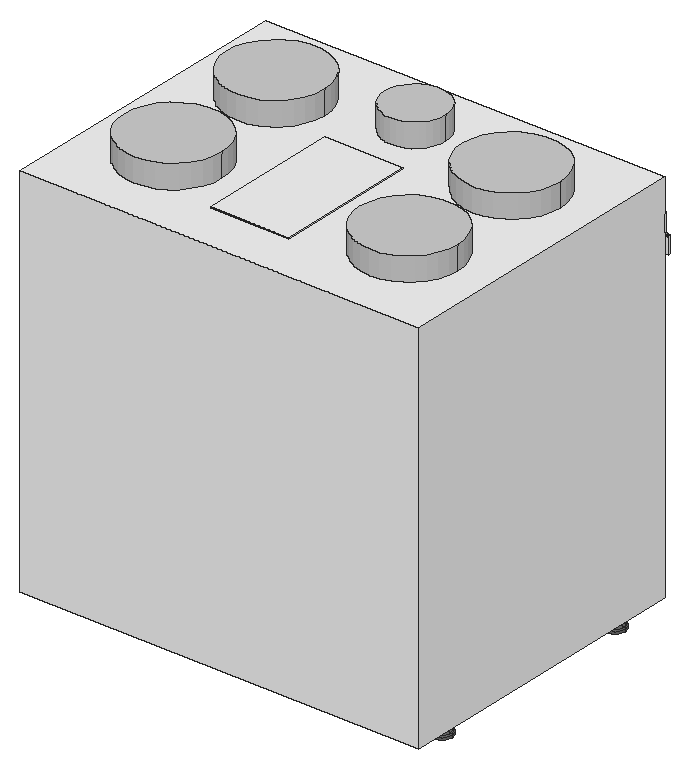
Revit family "BLAUBERG-KOMFORT_Roto_EC_SE600", category Mechanical Equipment, Revit 2019
Family settings
  Round Connector Dimension = Use Diameter
  Classification = None
  Part Type = Normal
  OmniClass Number = 23.75.35.14
  OmniClass Title = Air Handling Units
  Work Plane-Based = No
  Always vertical = Yes
  Cut with Voids When Loaded = No
  Shared = No
  Room Calculation Point = No
Parameters (values of type "KOMFORT Roto EC S 600 S21")
  dLFeets = 27 mm
  dBFeets = 93 mm
  Weight = 90.00 kg
  Standard Service Side [instance] = yes
  ServiceDoorB = 20 mm  # constant formula
  Service Side 2 [instance] = Standard Service Side  # yes
  Service Side 1 [instance] = not(Standard Service Side)  # no
  MountingPlateH = 100 mm  # constant formula
  Maximum Unit Current With Electric Heater = 2.6 A
  Maintenance Zone Side 2 [instance] = if(Maintenance Zone, (if(not(Standard Service Side), 1 = 1, 1 = 0)), 1 = 0)  # no
  Maintenance Zone Side 1 [instance] = if(Maintenance Zone, (if(Standard Service Side, 1 = 1, 1 = 0)), 1 = 0)  # no
  Plastic Material = Polypropylene Black
  Maximum Unit Power Without Electric Heater = 405 W
  Maximum Unit Current Without Electric Heater = 2.6 A
  Leveling Feets Height Calc [instance] = if(Leveling Feets Height < 23 mm, 23 mm, Leveling Feets Height)  # 23 mm
  Leveling Feets Height [instance] = 23 mm
  L3 = 408 mm
  L2 = 167 mm
  L1 = 167 mm
  Heater power = 0 W
  Heat Exchanger Material = "aluminium"
  HDuctCon = 48 mm  # constant formula
  H = 771 mm
  Front Maintenance Zone Width = H  # 771 mm
  Front Maintenance Zone Length = L  # 816 mm
  ElConB = 386 mm
  ElConA = 393 mm
  ElBoxB = 292 mm
  ElBoxA = 160 mm
  Duct Connection Diameter Kitchen Hood = 125 mm
  BackFeetD = 20 mm  # constant formula
  B3 = 128 mm
  B2 = 183 mm
  Air Flow Kitchen Hood [instance] = 0 m³/h
  Air Flow Factor [instance] = 1  # constant formula
  B1 = 183 mm
  L = 816 mm
  Voltage = 230 V
  URL = "https://blaubergventilatoren.de/en/product/komfort-roto-ec-s600-s21"
  Type Comments = "Air Handling Unit KOMFORT Roto EC S 600 S21"
  Transported Air Temperature (°C) = "-25…+40"
  Supply Air Filter = "G4,F7"
  Sound Pressure Level at 3 m (dBA) = 35
  SEC Class = "A"
  RPM (min-1) = 3230
  Power Factor = 1
  Power = Maximum Unit Power Without Electric Heater + Heater power  # 405 W
  Number of Poles = 1
  Model = "KOMFORT Roto EC S 600 S21"
  Maximum Air Flow = 670 m³/h
  Manufacturer = "Blauberg"
  Maintenance Zone Material = Maintenance Zone
  Front Maintenance Zone Height = 800 mm
  Maintenance Zone [instance] = no
  Load Classification = HVAC
  B = 628 mm
  Heat recovery efficiency (%) = "81..89"
  Heat Exchanger Type = "rotary"
  Metal Material = Metal Zinc
  Family Version = "1.0"  # constant formula
  Extract Air Filter = "G4"
  Duct Connection Diameter = 200 mm
  Description = "Air Handling Unit"
  D = Duct Connection Diameter  # 200 mm
  Current = Maximum Unit Current With Electric Heater  # 2.6 A
  Copyright = "©Blauberg"
  Casing Material = Painted Steel White
  Apparent Power [instance] = Power / Power Factor  # 405 VA
  Air Flow Supply [instance] = 0 m³/h
  Air Flow Exhaust Total [instance] = Air Flow Exhaust + Air Flow Kitchen Hood  # 0 m³/h
  Air Flow Exhaust [instance] = 0 m³/h
Types (2, lengths in mm): name | Weight | Maximum Unit Current With Electric Heater | Heater power | URL | Type Comments | Power | Model | Current | Apparent Power
  KOMFORT Roto EC S 600 S21 | 90.00 kg | 2.6 A | 0 W | "https://blaubergventilatoren.de/en/product/komfort-roto-ec-s600-s21" | "Air Handling Unit KOMFORT Roto EC S 600 S21" | 405 W | "KOMFORT Roto EC S 600 S21" | 2.6 A | 405 VA
  KOMFORT Roto EC SE 600 S21 | 92.00 kg | 14.8 A | 2800 W | "https://blaubergventilatoren.de/en/product/komfort-roto-ec-se600-s21" | "Air Handling Unit KOMFORT Roto EC SE 600 S21" | 3205 W | "KOMFORT Roto EC SE 600 S21" | 14.8 A | 3205 VA
Reference planes
  plane 1 "Center (Front/Back)": y = 0
  plane 2: z = 0
  plane 3 "Center (Left/Right)": x = 0
  plane 4 "Right": x = 408
  plane 5 "Front": y = -314
  plane 6 "Left": x = -408
  plane 7 "Top": z = 794
  plane 8 "Back": y = 314
  plane 9 "DuctConL3": x = 0
  plane 10 "DuctConB1": y = 131
  plane 11 "DuctConB2": y = -131
  plane 12 "DuctCon": z = 842
  plane 13: z = 796
  plane 14 "Bottom": z = 23
  plane 15 "FeetsL1": x = -381
  plane 16 "FeetsL2": x = 381
  plane 17 "FeetsB1": y = 221
  plane 18 "FeetsB2": y = -221
  plane 19 "ElConA": x = -15
  plane 20 "DuctConL2": x = 241
  plane 21 "DuctConL1": x = -241
  plane 22: x = -95
  plane 23: x = 65
  plane 24: y = 74
  plane 25: y = -218
  plane 26 "ElConB": y = -72
  plane 27 "ServiceDoorBack": y = 294
  plane 28 "ServiceDoorFront": y = -294
  plane 29 "DuctConB3": y = 186
  plane 30 "DuctConB4": z = 43
  plane 31 "MountingPlateH": z = 694
Forms (mm)
  Extrusion 1, solid, material "Painted Steel White" <- "Casing Material", detail levels medium+fine
    sketch origin (0, 377, 23) x (-1, 0, 0) y (0, -1, 0)
      loop
        line (408, 63) -> (408, 691) -> (-408, 691) -> (-408, 63) -> (408, 63)
    from 0 to 771
  Extrusion 2, solid, material "Metal Zinc" <- "Metal Material", detail levels medium+fine
    sketch origin (0, 0, 794) x (-1, 0, 0) y (0, -1, 0)
      loop
        circle (241, 131) r 100
      loop
        circle (-241, 131) r 100
      loop
        circle (-241, -131) r 100
      loop
        circle (241, -131) r 100
      loop
        circle (0, -186) r 62.5
    from 0 to 48
  Extrusion 3, solid, material "Painted Steel White" <- "Casing Material", detail levels medium+fine
    sketch origin (0, 0, 794) x (-1, 0, 0) y (0, -1, 0)
      loop
        line (95, -74) -> (95, 218) -> (-65, 218) -> (-65, -74) -> (95, -74)
    from 0 to 2
  Extrusion 4, solid, material "Polypropylene Black" <- "Plastic Material", visible <- "Service Side 1", detail levels medium+fine
    sketch origin (0, -314, 0) x (-1, 0, 0) y (0, 0, 1)
      loop
        circle (381, 43) r 10
      loop
        circle (-381, 43) r 10
    from 0 to -10
  Extrusion 5, solid, material "Polypropylene Black" <- "Plastic Material", visible <- "Service Side 2", detail levels medium+fine
    sketch origin (0, 314, 0) x (-1, 0, 0) y (0, 0, 1)
      loop
        circle (381, 43) r 10
      loop
        circle (-381, 43) r 10
    from 0 to 10
Lines and regions (mm)
  model lines, detail levels coarse
    curve 1: line (-408, -314, 794) -> (-408, 314, 794)
    curve 2: line (408, -314, 794) -> (-408, -314, 794)
    curve 3: line (408, 314, 794) -> (408, -314, 794)
    curve 4: line (-408, -314, 23) -> (-408, 314, 23)
    curve 5: line (408, -314, 23) -> (-408, -314, 23)
    curve 6: line (408, 314, 23) -> (408, -314, 23)
    curve 7: line (-408, -314, 794) -> (408, -314, 794)
    curve 8: line (-408, -314, 23) -> (-408, -314, 794)
    curve 9: line (408, -314, 23) -> (-408, -314, 23)
    curve 10: line (408, -314, 794) -> (408, -314, 23)
    curve 11: line (-408, -314, 794) -> (-408, -314, 23)
    curve 12: line (408, -314, 794) -> (408, -314, 23)
    curve 13: line (-408, 314, 23) -> (408, 314, 23)
    curve 14: line (-408, 314, 794) -> (408, 314, 794)
    curve 15: line (-408, 314, 794) -> (-408, 314, 23)
    curve 16: line (408, 314, 794) -> (408, 314, 23)
    curve 17: line (-241, 131, 842) -> (-241, 131, 794)
    curve 18: line (241, 131, 842) -> (241, 131, 794)
    curve 19: line (241, -131, 842) -> (241, -131, 794)
    curve 20: line (-241, -131, 842) -> (-241, -131, 794)
    curve 21: line (0, 186, 842) -> (0, 186, 794)
Dimensions and locks
  "B": plane 8 "Back" to plane 5 "Front"
  equal spacing: plane 6 "Left", plane 3 "Center (Left/Right)", plane 4 "Right"
  "L": plane 6 "Left" to plane 4 "Right"
  "dBFeets": plane 8 "Back" to plane 17 "FeetsB1"
  "dBFeets": plane 18 "FeetsB2" to plane 5 "Front"
  "dLFeets": plane 6 "Left" to plane 15 "FeetsL1"
  "dLFeets": plane 16 "FeetsL2" to plane 4 "Right"
  "Leveling Feets Height Calc": plane 14 "Bottom" to level
  "HDuctCon": plane 12 "DuctCon" to plane 7 "Top"
  "H": plane 7 "Top" to plane 14 "Bottom"
  "ElConA": plane 6 "Left" to plane 19 "ElConA"
  "B1": plane 11 "DuctConB2" to plane 5 "Front"
  "B2": plane 8 "Back" to plane 10 "DuctConB1"
  "L1": plane 6 "Left" to plane 21 "DuctConL1"
  equal spacing: plane 22, plane 19 "ElConA", plane 23
  "ElBoxA": plane 22 to plane 23
  "ElConB": plane 8 "Back" to plane 26 "ElConB"
  equal spacing: plane 24, plane 26 "ElConB", plane 25
  "ElBoxB": plane 24 to plane 25
  locked: plane 13 to plane 7 "Top" at 2
  "ServiceDoorB": plane 8 "Back" to plane 27 "ServiceDoorBack"
  "ServiceDoorB": plane 28 "ServiceDoorFront" to plane 5 "Front"
  "L3": plane 6 "Left" to plane 9 "DuctConL3"
  "L2": plane 20 "DuctConL2" to plane 4 "Right"
  equal spacing: plane 8 "Back", plane 1 "Center (Front/Back)", plane 5 "Front"
  "B3": plane 8 "Back" to plane 29 "DuctConB3"
  locked: plane 30 "DuctConB4" to plane 14 "Bottom" at 20
  "MountingPlateH": plane 7 "Top" to plane 31 "MountingPlateH"
  "D": diameter of Extrusion 2 sketch curve  (x4)
  "Duct Connection Diameter Kitchen Hood": diameter of Extrusion 2 sketch curve
  aligned and locked: level to plane 2
  aligned and locked: plane 15 "FeetsL1" to nested 1
  aligned and locked: nested 1 to plane 17 "FeetsB1"
  aligned and locked: plane 16 "FeetsL2" to nested 2
  aligned and locked: nested 2 to plane 17 "FeetsB1"
  aligned and locked: nested 3 to plane 18 "FeetsB2"
  aligned and locked: plane 16 "FeetsL2" to nested 3
  aligned and locked: plane 15 "FeetsL1" to nested 4
  aligned and locked: nested 4 to plane 18 "FeetsB2"
  aligned and locked: Extrusion 1 sketch curve to plane 8 "Back"
  aligned and locked: plane 6 "Left" to Extrusion 1 sketch curve
  aligned and locked: plane 5 "Front" to Extrusion 1 sketch curve
  aligned and locked: Extrusion 1 sketch curve to plane 4 "Right"
  aligned and locked: plane 7 "Top" to Extrusion 1
  aligned and locked: plane 3 "Center (Left/Right)" to nested 5
  aligned and locked: nested 5 to plane 7 "Top"
  aligned and locked: curve 2 to Extrusion 1
  aligned and locked: curve 4 to curve 1
  aligned and locked: curve 5 to curve 2
  aligned and locked: curve 6 to nested 5
  aligned and locked: curve 8 to Extrusion 1
  aligned and locked: curve 10 to Extrusion 1
  aligned and locked: curve 11 to plane 5 "Front"
  aligned and locked: curve 12 to plane 5 "Front"
  aligned and locked: plane 8 "Back" to curve 3
  aligned and locked: plane 8 "Back" to curve 6
  aligned and locked: plane 6 "Left" to curve 13
  aligned and locked: curve 13 to plane 8 "Back"
  aligned and locked: plane 4 "Right" to curve 14
  aligned and locked: plane 6 "Left" to curve 14
  aligned and locked: curve 14 to plane 8 "Back"
  aligned and locked: plane 12 "DuctCon" to Extrusion 2
  aligned and locked: Extrusion 3 sketch curve to plane 24
  aligned and locked: Extrusion 3 sketch curve to plane 22
  aligned and locked: plane 25 to Extrusion 3 sketch curve
  aligned and locked: Extrusion 3 sketch curve to plane 23
  aligned and locked: plane 13 to Extrusion 3
  aligned and locked: plane 3 "Center (Left/Right)" to nested 6
  aligned and locked: nested 6 to plane 7 "Top"
  aligned and locked: plane 7 "Top" to curve 15
  aligned and locked: plane 14 "Bottom" to curve 15
  aligned and locked: plane 7 "Top" to curve 16
  aligned and locked: plane 14 "Bottom" to curve 16
  aligned and locked: plane 8 "Back" to curve 15
  aligned and locked: plane 8 "Back" to curve 16
  aligned and locked: plane 12 "DuctCon" to curve 17
  aligned and locked: plane 12 "DuctCon" to curve 18
  aligned and locked: plane 7 "Top" to curve 18
  aligned and locked: plane 7 "Top" to curve 17
  aligned and locked: curve 17 to plane 21 "DuctConL1"
  aligned and locked: curve 18 to plane 20 "DuctConL2"
  aligned and locked: plane 12 "DuctCon" to curve 19
  aligned and locked: plane 7 "Top" to curve 19
  aligned and locked: curve 19 to plane 20 "DuctConL2"
  aligned and locked: plane 21 "DuctConL1" to Extrusion 2 sketch curve
  aligned and locked: plane 11 "DuctConB2" to Extrusion 2 sketch curve
  aligned and locked: plane 12 "DuctCon" to curve 20
  aligned and locked: plane 7 "Top" to curve 20
  aligned and locked: curve 20 to plane 21 "DuctConL1"
  aligned and locked: plane 12 "DuctCon" to curve 21
  aligned and locked: plane 7 "Top" to curve 21
  aligned and locked: curve 21 to plane 9 "DuctConL3"
  aligned and locked: plane 9 "DuctConL3" to Extrusion 2 sketch curve
  aligned and locked: plane 29 "DuctConB3" to Extrusion 2 sketch curve
  aligned and locked: plane 3 "Center (Left/Right)" to nested 7
  aligned and locked: plane 31 "MountingPlateH" to nested 7
  aligned and locked: nested 8 to plane 3 "Center (Left/Right)"
  aligned and locked: plane 31 "MountingPlateH" to nested 8
Automatic sketch dimensions
  curve 11 to plane 14 "Bottom" = 0 mm
  curve 11 to plane 7 "Top" = 0 mm
  curve 12 to plane 14 "Bottom" = 0 mm
  curve 12 to plane 7 "Top" = 0 mm
  curve 9 to plane 14 "Bottom" = 0 mm
  curve 8 to plane 7 "Top" = 0 mm
  Extrusion 5 sketch curve to plane 16 "FeetsL2" = 0 mm
  Extrusion 5 sketch curve to plane 15 "FeetsL1" = 0 mm
  Extrusion 5 sketch curve to plane 30 "DuctConB4" = 0 mm  (x2)
  Extrusion 4 sketch curve to plane 16 "FeetsL2" = 0 mm
  Extrusion 4 sketch curve to plane 15 "FeetsL1" = 0 mm
  Extrusion 4 sketch curve to plane 30 "DuctConB4" = 0 mm  (x2)
  Extrusion 2 sketch curve to plane 11 "DuctConB2" = 0 mm
  Extrusion 2 sketch curve to plane 20 "DuctConL2" = 0 mm  (x2)
  Extrusion 2 sketch curve to plane 10 "DuctConB1" = 0 mm  (x2)
  Extrusion 2 sketch curve to plane 21 "DuctConL1" = 0 mm
  radius of Extrusion 5 sketch curve = 10 mm  (x2)
  radius of Extrusion 4 sketch curve = 10 mm  (x2)
Nested families
  nested 1: "LevellingFeet" at (-381, 221, 0), type "LevellingFeet", detail levels medium+fine
  nested 2: "LevellingFeet" at (381, 221, 0), type "LevellingFeet", detail levels medium+fine
  nested 3: "LevellingFeet" at (381, -221, 0), type "LevellingFeet", detail levels medium+fine
  nested 4: "LevellingFeet" at (-381, -221, 0), type "LevellingFeet", detail levels medium+fine
  nested 5: "MaintenanceZone_Rect" at (0, -314, 408.5) x (1, 0, 0) z (0, 1, 0), visible <- "Maintenance Zone Side 1", type "Front", detail levels medium+fine
    with Maintenance Zone Width 771 mm, Maintenance Zone Length 816 mm, Maintenance Zone Height 800 mm
  nested 6: "MaintenanceZone_Rect" at (0, 314, 408.5) x (1, 0, 0) z (0, -1, 0), visible <- "Maintenance Zone Side 2", type "Front", detail levels medium+fine
    with Maintenance Zone Width 771 mm, Maintenance Zone Length 816 mm, Maintenance Zone Height 800 mm
  nested 7: "MountingPlate2" at (0, 314, 694) x (1, 0, 0) z (0, 1, 0), visible <- "Service Side 2", type "MountingPlate2", detail levels medium+fine
    with Lenght 816 mm
  nested 8: "MountingPlate2" at (0, -314, 694) x (-1, 0, 0) z (0, -1, 0), visible <- "Service Side 1", type "MountingPlate2", detail levels medium+fine
    with Lenght 816 mm
Connectors
  hvac at (-241, -131, 842), driven by "Duct Connection Diameter", driven by "Air Flow Supply"
    settings: on Extrusion 2, index 1, duct flow 0 m³/h, flow factor 0, pres drop 0.0 Pa, loss coef 0, conn angle 0.00°, conn width 304.8 mm, conn height 304.8 mm, conn diameter 200 mm, duct sys type 1, conn prof type 0, flow config 0, flow direction 2, loss method 0, conn ref index -1, conn util no, is conn primary yes, conn desc "Supply Air"
  hvac at (-241, 131, 842), driven by "Duct Connection Diameter", driven by "Air Flow Exhaust"
    settings: on Extrusion 2, index 2, duct flow 0 m³/h, flow factor 0, pres drop 0.0 Pa, loss coef 0, conn angle 0.00°, conn width 304.8 mm, conn height 304.8 mm, conn diameter 200 mm, duct sys type 3, conn prof type 0, flow config 0, flow direction 1, loss method 0, conn ref index -1, conn util no, is conn primary no, conn desc "Extract Air"
  hvac at (241, 131, 842), driven by "Duct Connection Diameter", driven by "Air Flow Exhaust Total"
    settings: on Extrusion 2, index 3, duct flow 0 m³/h, flow factor 0, pres drop 0.0 Pa, loss coef 0, conn angle 0.00°, conn width 304.8 mm, conn height 304.8 mm, conn diameter 200 mm, duct sys type 3, conn prof type 0, flow config 1, flow direction 2, loss method 0, conn ref index -1, conn util no, is conn primary no, conn desc "Exhaust Air"
  hvac at (241, -131, 842), driven by "Duct Connection Diameter", driven by "Air Flow Supply"
    settings: on Extrusion 2, index 4, duct flow 0 m³/h, flow factor 0, pres drop 0.0 Pa, loss coef 0, conn angle 0.00°, conn width 304.8 mm, conn height 304.8 mm, conn diameter 200 mm, duct sys type 1, conn prof type 0, flow config 1, flow direction 1, loss method 0, conn ref index -1, conn util no, is conn primary no, conn desc "Intake Air"
  electrical at (-15, -72, 796), driven by "Number of Poles", driven by "Load Classification", driven by "Voltage", driven by "Apparent Power", driven by "Power Factor"
    settings: on Extrusion 3, index 6, voltage 230 V, apparent load 405 VA, apparent load phase1 0 VA, apparent load phase2 0 VA, apparent load phase3 0 VA, power factor 1, load classification "HVAC", number of poles 1, system type 30, power factor state 1, is connector primary yes, connector utility no, sub classification motor no, connector description ""
  hvac at (0, 186, 842), driven by "Duct Connection Diameter Kitchen Hood", driven by "Air Flow Kitchen Hood"
    settings: on Extrusion 2, index 7, duct flow 0 m³/h, flow factor 0, pres drop 0.0 Pa, loss coef 0, conn angle 0.00°, conn width 304.8 mm, conn height 304.8 mm, conn diameter 125 mm, duct sys type 3, conn prof type 0, flow config 0, flow direction 1, loss method 0, conn ref index -1, conn util no, is conn primary no, conn desc "Kitchen Hood Extract Air"
Definition of nested family "LevellingFeet"
  Parameters (values of type "LevellingFeet")
    r2 = d2 / 2  # 9 mm
    r1 = d1 / 2  # 12 mm
    h2 = 15 mm
    h1 = 6 mm
    d3 = 8 mm
    d2 = 18 mm
    d1 = 24 mm
    R = D / 2  # 20.5 mm
    Material = none
    H = 23 mm
    Default Elevation = 1219.2 mm
    D = 41 mm
  Reference planes
    plane 1 "Center (Front/Back)": y = 0
    plane 2: z = 0
    plane 3 "Center (Left/Right)": x = 0
    plane 4: z = 6
    plane 5: x = -9
    plane 6: x = -20.5
    plane 7: x = -12
    plane 8: z = 21
    plane 9: z = 23
  Forms (mm)
    Revolve 1, solid, material <- "Material"
      sketch origin (0, 0, 0) x (1, 0, 0) y (0, 0, 1)
        loop
          line (0, 21) -> (-9, 21) -> (-11.354, 9.228)
          arc (-11.354, 9.228) -> (-12.746, 6.91) -> (-15.292, 6) r 4.016
          line (-15.292, 6) -> (-18.541, 6)
          arc (-18.541, 6) -> (-19.926, 5.426) -> (-20.5, 4.041) r 1.959
          line (-20.5, 4.041) -> (-20.5, 0) -> (0, 0) -> (0, 21)
        axis (0, 21) -> (0, 0)
      angle from 0 to 360
    Extrusion 2, solid, material <- "Material"
      sketch origin (0, 0, 0) x (1, 0, 0) y (0, 1, 0)
        loop
          circle (0, 0) r 4
      from 23 to 6
  Cuts and joins
    joined: Revolve 1, Extrusion 2
  Dimensions and locks
    "r2": plane 3 "Center (Left/Right)" to plane 5
    "R": plane 3 "Center (Left/Right)" to plane 6
    "r1": plane 3 "Center (Left/Right)" to plane 7
    "h2": plane 8 to plane 4
    "h1": plane 4 to level
    "H": plane 9 to level
    "d3": diameter of Extrusion 2 sketch curve
    aligned and locked: level to plane 2
    aligned and locked: Revolve 1 sketch curve to plane 3 "Center (Left/Right)"
    aligned and locked: plane 8 to Revolve 1 sketch curve
    aligned and locked: Extrusion 2 to plane 4
    aligned and locked: plane 9 to Extrusion 2
    aligned and locked: cut or joined group of Revolve 1, Extrusion 2 to level
  Automatic sketch dimensions
    Revolve 1 sketch curve to level = 0 mm
    Revolve 1 sketch curve to plane 6 = 0 mm
    Revolve 1 sketch curve to plane 4 = 0 mm
    Revolve 1 sketch curve to plane 5 = 0 mm
    Revolve 1 sketch curve to plane 3 "Center (Left/Right)" = 0 mm
    plane 6 to Revolve 1 sketch curve = 1.959 mm
    Revolve 1 sketch curve to plane 7 = 3.292 mm
    plane 7 to Revolve 1 sketch curve = 0.646 mm
    plane 4 to Revolve 1 sketch curve = 3.228 mm
    Revolve 1 sketch curve to level = 336.045 mm
    plane 9 to Revolve 1 sketch curve = 2172.315 mm
    plane 1 "Center (Front/Back)" to Extrusion 2 sketch curve = 0 mm
    Extrusion 2 sketch curve to plane 3 "Center (Left/Right)" = 0 mm
Definition of nested family "MaintenanceZone_Rect"
  Parameters (values of type "MaintenanceZone_Rect")
    Maintenance Zone Width = 500 mm
    Material = none
    Maintenance Zone Length = 1000 mm
    Maintenance Zone Height = 300 mm
    Family Version = ""
    Default Elevation = 1219.2 mm
    Copyright = ""
  Reference planes
    plane 1 "Center (Front/Back)": y = 0
    plane 2: z = 0
    plane 3 "Center (Left/Right)": x = 0
    plane 4: x = -500
    plane 5: x = 500
    plane 6: y = 250
    plane 7: y = -250
    plane 8: z = -300
  Forms (mm)
    Extrusion 1, solid, material <- "Material", detail levels medium+fine
      sketch origin (0, 0, 0) x (1, 0, 0) y (0, 1, 0)
        loop
          line (-500, 250) -> (-500, -250) -> (500, -250) -> (500, 250) -> (-500, 250)
      from 0 to -300
  Lines and regions (mm)
    symbolic lines, detail levels medium+fine
      curve 1: line (-500, 0, 0) -> (500, 0, 0)
      curve 2: line (-500, 0, -300) -> (-500, 0, 0)
      curve 3: line (500, 0, -300) -> (-500, 0, -300)
      curve 4: line (500, 0, 0) -> (500, 0, -300)
      curve 5: line (0, 250, 0) -> (0, -250, 0)
      curve 6: line (0, 250, -300) -> (0, 250, 0)
      curve 7: line (0, -250, -300) -> (0, 250, -300)
      curve 8: line (0, -250, 0) -> (0, -250, -300)
      curve 9: line (-500, 250, 0) -> (500, 250, 0)
      curve 10: line (-500, -250, 0) -> (-500, 250, 0)
      curve 11: line (500, -250, 0) -> (-500, -250, 0)
      curve 12: line (500, 250, 0) -> (500, -250, 0)
  Dimensions and locks
    equal spacing: plane 6, plane 1 "Center (Front/Back)", plane 7
    equal spacing: plane 4, plane 3 "Center (Left/Right)", plane 5
    "Maintenance Zone Width": plane 6 to plane 7
    "Maintenance Zone Length": plane 4 to plane 5
    "Maintenance Zone Height": plane 2 to plane 8
    aligned and locked: level to plane 2
    aligned and locked: Extrusion 1 sketch curve to plane 6
    aligned and locked: plane 4 to Extrusion 1 sketch curve
    aligned and locked: plane 7 to Extrusion 1 sketch curve
    aligned and locked: Extrusion 1 sketch curve to plane 5
    aligned and locked: Extrusion 1 to plane 8
    aligned and locked: curve 1 to Extrusion 1
    aligned and locked: curve 2 to Extrusion 1
    aligned and locked: curve 3 to Extrusion 1
    aligned and locked: curve 4 to Extrusion 1
    aligned and locked: curve 5 to Extrusion 1
    aligned and locked: curve 6 to Extrusion 1
    aligned and locked: curve 7 to Extrusion 1
    aligned and locked: curve 8 to Extrusion 1
    aligned and locked: curve 9 to Extrusion 1
    aligned and locked: curve 10 to Extrusion 1
    aligned and locked: curve 11 to Extrusion 1
    aligned and locked: curve 12 to Extrusion 1
Definition of nested family "MountingPlate2"
  Parameters (values of type "MountingPlate2")
    Width3 = 35 mm
    Width2 = Height  # 12 mm
    Width1 = 35 mm
    Width = 75 mm
    Material = none
    Lenght = 500 mm
    Height = 12 mm
    Default Elevation = 1219.2 mm
  Reference planes
    plane 1 "Center (Front/Back)": y = 0
    plane 2: z = 0
    plane 3 "Center (Left/Right)": x = 0
    plane 4: x = -250
    plane 5: x = 250
    plane 6: y = -35
    plane 7: y = 47
    plane 8: z = 12
    plane 9: y = 12
  Forms (mm)
    Extrusion 1, solid, material <- "Material"
      sketch origin (0, 0, 0) x (0, 1, 0) y (0, 0, 1)
        loop
          line (-35, 0) -> (-1.086, 0)
          arc (-1.086, 0) -> (0.616, 0.299) -> (2.115, 1.159) r 5
          line (2.115, 1.159) -> (11.337, 8.844)
          arc (11.337, 8.844) -> (12.835, 9.704) -> (14.538, 10.003) r 5
          line (14.538, 10.003) -> (47, 10.003) -> (47, 12) -> (13.81, 12)
          arc (13.81, 12) -> (12.108, 11.701) -> (10.609, 10.841) r 5
          line (10.609, 10.841) -> (1.391, 3.159)
          arc (1.391, 3.159) -> (-0.108, 2.299) -> (-1.81, 2) r 5
          line (-1.81, 2) -> (-35, 2) -> (-35, 0)
      from -250 to 250
  Dimensions and locks
    equal spacing: plane 4, plane 3 "Center (Left/Right)", plane 5
    "Lenght": plane 4 to plane 5
    "Width1": plane 1 "Center (Front/Back)" to plane 6
    "Height": plane 8 to level
    "Width2": plane 9 to plane 1 "Center (Front/Back)"
    "Width3": plane 7 to plane 9
    aligned and locked: level to plane 2
    aligned and locked: Extrusion 1 to plane 4
    aligned and locked: plane 5 to Extrusion 1
  Automatic sketch dimensions
    Extrusion 1 sketch curve to level = 0 mm
    Extrusion 1 sketch curve to plane 6 = 0 mm
    Extrusion 1 sketch curve to plane 8 = 0 mm
    Extrusion 1 sketch curve to plane 7 = 0 mm
    plane 1 "Center (Front/Back)" to Extrusion 1 sketch curve = 1.086 mm
    plane 1 "Center (Front/Back)" to Extrusion 1 sketch curve = 1.81 mm
    Extrusion 1 sketch curve to plane 1 "Center (Front/Back)" = 1.391 mm
    level to Extrusion 1 sketch curve = 1.159 mm
    Extrusion 1 sketch curve to Extrusion 1 sketch curve = 0.724 mm
    plane 9 to Extrusion 1 sketch curve = 1.391 mm
    plane 9 to Extrusion 1 sketch curve = 0.663 mm
    Extrusion 1 sketch curve to plane 9 = 1.81 mm
    Extrusion 1 sketch curve to Extrusion 1 sketch curve = 0.727 mm
    Extrusion 1 sketch curve to Extrusion 1 sketch curve = 1.997 mm
